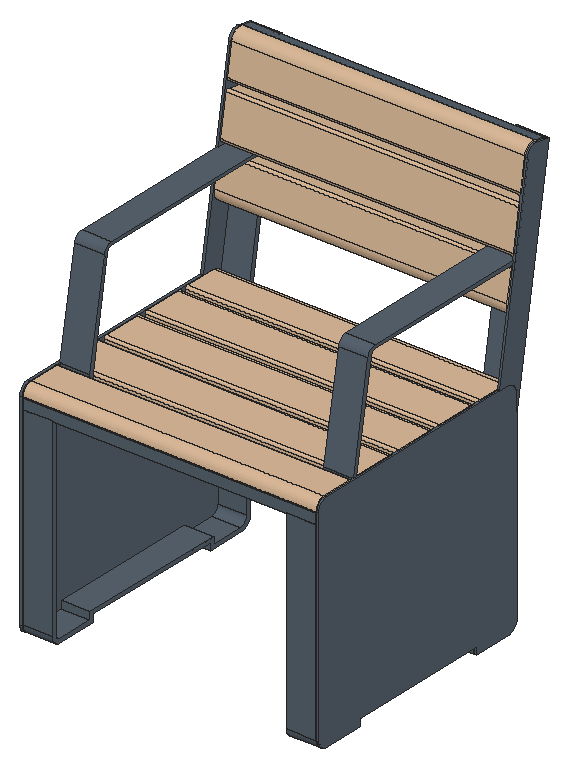
Revit family "product code 61106-S-L", category Meble, Revit 2021
Family settings
  Numer OmniClass = 23.40.20.00
  Tytuł OmniClass = General Furniture and Specialties
  Oparty na płaszczyźnie roboczej = Nie
  Zawsze pionowo = Tak
  Tnij formami wycięć po wczytaniu = Nie
  Współdzielony = Nie
  Punkt obliczania pomieszczeń = Nie
Parameters (values of type "61106-S-L")
  wood = Kobenhagen Wood - Larch
  metal = Kobenhagen RAL 5011
  Width = "58 cm"
  Weight = "40 kg"
  URL = "https://kobenhagen.com/en_US/p/Indre-By-Chair-wArmrest/209"
  Seat height = "45 cm"
  Product line = "Indre By"
  Product Groups = "Chairs"
  Producent = "Lars Laj"
  Keynote = ""
  Opis = "Indre By Chair w/Armrest"
  Model = "61106-S-L"
  Material = "Larch, stainless steel, powder coated steel"
  Maintenance = "We recommend to examine and tighten all screws and bolt clamps after a few weeks’ use. In order to prevent cracks and to extend the life of the wood, it is recommended that the wood details should be oiled every 3-5 years."
  Lenght = "60 cm"
  Type Comments = ""
  Kobenhagen Materials = "larslaj.com/bim"
  Hosted on larslaj.com = "https://larslaj.com/bim"
  Height = "86 cm"
  Domyślna rzędna = 0 mm
  Copyright = "All designs and drawings are the intellectual property of Lars Laj A/S and are protected by Danish and international copyright laws."
Reference planes
  plane 1 "front": y = 0
  plane 2: z = 0
  plane 3 "Środek (Lewa/Prawa)": x = 0
  plane 4 "left": x = -295.625
  plane 5 "right": x = 295.625
  plane 6 "back": y = 575.242
  plane 7: x = -235.625
Forms (mm)
  Extrusion 1, solid, material "Kobenhagen Wood - Larch" <- "wood"
    sketch origin (0, -0.031, 21.46) x (0, 1, 0) y (0, 0, 1)
      loop
        arc (260.118, 430.04) -> (256.583, 428.576) -> (255.118, 425.04) r 5
        line (255.118, 425.04) -> (255.118, 388.972)
        arc (255.118, 388.972) -> (255.693, 387.586) -> (257.078, 387.012) r 1.96
        line (257.078, 387.012) -> (342.493, 387.012)
        arc (342.493, 387.012) -> (343.908, 387.598) -> (344.493, 389.012) r 2
        line (344.493, 389.012) -> (344.493, 425.04)
        arc (344.493, 425.04) -> (343.029, 428.576) -> (339.493, 430.04) r 5
        line (339.493, 430.04) -> (260.118, 430.04)
    from -295.625 to 295.625
  Extrusion 2, solid, material "Kobenhagen Wood - Larch" <- "wood"
    sketch origin (0, -102.48, 21.46) x (0, 1, 0) y (0, 0, 1)
      loop
        arc (260.118, 430.04) -> (256.583, 428.576) -> (255.118, 425.04) r 5
        line (255.118, 425.04) -> (255.118, 388.972)
        arc (255.118, 388.972) -> (255.693, 387.586) -> (257.078, 387.012) r 1.96
        line (257.078, 387.012) -> (342.493, 387.012)
        arc (342.493, 387.012) -> (343.908, 387.598) -> (344.493, 389.012) r 2
        line (344.493, 389.012) -> (344.493, 425.04)
        arc (344.493, 425.04) -> (343.029, 428.576) -> (339.493, 430.04) r 5
        line (339.493, 430.04) -> (260.118, 430.04)
    from -295.625 to 295.625
  Extrusion 3, solid, material "Kobenhagen Wood - Larch" <- "wood"
    sketch origin (0, 102.52, 23.25) x (0, 1, 0) y (0, 0, 1)
      loop
        arc (260.118, 428.25) -> (256.583, 426.786) -> (255.118, 423.25) r 5
        line (255.118, 423.25) -> (255.118, 387.182)
        arc (255.118, 387.182) -> (255.693, 385.796) -> (257.078, 385.222) r 1.96
        line (257.078, 385.222) -> (342.493, 385.222)
        arc (342.493, 385.222) -> (343.908, 385.808) -> (344.493, 387.222) r 2
        line (344.493, 387.222) -> (344.493, 423.25)
        arc (344.493, 423.25) -> (343.029, 426.786) -> (339.493, 428.25) r 5
        line (339.493, 428.25) -> (260.118, 428.25)
    from -295.625 to 295.625
  Extrusion 4, solid, material "Kobenhagen Wood - Larch" <- "wood"
    sketch origin (0, 925.653, 348.398) x (0, 0.173648, 0.984808) y (0, -0.984808, 0.173648)
      loop
        arc (260.118, 429.703) -> (256.583, 428.239) -> (255.118, 424.703) r 5
        line (255.118, 424.703) -> (255.118, 388.972)
        arc (255.118, 388.972) -> (255.693, 387.586) -> (257.078, 387.012) r 1.96
        line (257.078, 387.012) -> (342.493, 387.012)
        arc (342.493, 387.012) -> (343.908, 387.598) -> (344.493, 389.012) r 2
        line (344.493, 389.012) -> (344.493, 424.703)
        arc (344.493, 424.703) -> (343.029, 428.239) -> (339.493, 429.703) r 5
        line (339.493, 429.703) -> (260.118, 429.703)
    from -295.625 to 295.625
  Extrusion 5, solid, material "Kobenhagen RAL 5011" <- "metal", not visible
    sketch origin (0, 0, 0) x (0, 1, 0) y (0, 0, 1)
      loop
        arc (71.187, 451.5) -> (57.045, 445.642) -> (51.187, 431.5) r 20
        line (51.187, 431.5) -> (51.187, 18.231)
        arc (51.187, 18.231) -> (56.527, 5.34) -> (69.418, 0) r 18.231
        line (69.418, 0) -> (153.638, 0) -> (153.638, 15) -> (448.638, 15) -> (448.638, 0) -> (527.023, 0)
        arc (527.023, 0) -> (542.307, 6.331) -> (548.638, 21.615) r 21.615
        line (548.638, 21.615) -> (548.638, 429.407)
        arc (548.638, 429.407) -> (542.168, 445.029) -> (526.545, 451.5) r 22.093
        line (526.545, 451.5) -> (71.187, 451.5)
    from 750.378 to 745
  Extrusion 6, solid, material "Kobenhagen RAL 5011" <- "metal", not visible
    sketch origin (0, 0, 0) x (0, 1, 0) y (0, 0, 1)
      loop
        line (548.638, 396.844) -> (629.375, 854.725) -> (601.836, 859.581)
        arc (601.836, 859.581) -> (585.224, 855.898) -> (576.082, 841.547) r 22.232
        line (576.082, 841.547) -> (507.306, 451.5) -> (526.545, 451.5)
        arc (526.545, 451.5) -> (542.168, 445.029) -> (548.638, 429.407) r 22.093
        line (548.638, 429.407) -> (548.638, 396.844)
    from 745 to 750.378
  Extrusion 7, solid, material "Kobenhagen RAL 5011" <- "metal"
    sketch origin (449.375, 0, 0) x (0, -1, 0) y (0, 0, 1)
      loop
        line (-71.187, 451.5) -> (-526.545, 451.5)
        arc (-526.545, 451.5) -> (-542.168, 445.029) -> (-548.638, 429.407) r 22.093
        line (-548.638, 429.407) -> (-548.638, 21.615)
        arc (-548.638, 21.615) -> (-542.307, 6.331) -> (-527.023, 0) r 21.615
        line (-527.023, 0) -> (-448.638, 0) -> (-448.638, 15) -> (-153.638, 15) -> (-153.638, 0) -> (-69.418, 0)
        arc (-69.418, 0) -> (-56.527, 5.34) -> (-51.187, 18.231) r 18.231
        line (-51.187, 18.231) -> (-51.187, 431.5)
        arc (-51.187, 431.5) -> (-57.045, 445.642) -> (-71.187, 451.5) r 20
    from 750.378 to 745
  Extrusion 8, solid, material "Kobenhagen RAL 5011" <- "metal"
    sketch origin (449.375, 0, 0) x (0, -1, 0) y (0, 0, 1)
      loop
        line (-548.638, 396.844) -> (-548.638, 429.407)
        arc (-548.638, 429.407) -> (-542.168, 445.029) -> (-526.545, 451.5) r 22.093
        line (-526.545, 451.5) -> (-507.306, 451.5) -> (-576.082, 841.547)
        arc (-576.082, 841.547) -> (-585.224, 855.898) -> (-601.836, 859.581) r 22.232
        line (-601.836, 859.581) -> (-629.375, 854.725) -> (-548.638, 396.844)
    from 745 to 750.378
  Extrusion 9, solid, material "Kobenhagen RAL 5011" <- "metal"
    sketch origin (0, 0, 0) x (0, 1, 0) y (0, 0, 1)
      loop
        line (548.638, 396.844) -> (629.375, 854.725) -> (621.989, 856.027) -> (543.073, 408.472) -> (51.187, 408.472) -> (51.187, 18.763)
        arc (51.187, 18.763) -> (56.683, 5.495) -> (69.95, 0) r 18.763
        line (69.95, 0) -> (153.638, 0) -> (153.638, 15) -> (448.638, 15) -> (448.638, 0) -> (525.342, 0)
        arc (525.342, 0) -> (541.815, 6.823) -> (548.638, 23.296) r 23.296
        line (548.638, 23.296) -> (548.638, 396.844)
      loop
        line (58.687, 400.262) -> (58.687, 18.763)
        arc (58.687, 18.763) -> (61.986, 10.799) -> (69.95, 7.5) r 11.263
        line (69.95, 7.5) -> (146.138, 7.5) -> (146.138, 22.5) -> (456.138, 22.5) -> (456.138, 7.5) -> (525.342, 7.5)
        arc (525.342, 7.5) -> (536.512, 12.127) -> (541.138, 23.296) r 15.796
        line (541.138, 23.296) -> (541.138, 400.262) -> (58.687, 400.262)
    from -295.625 to -235.625
  Extrusion 10, solid, material "Kobenhagen RAL 5011" <- "metal"
    sketch origin (0, 0, 0) x (0, 1, 0) y (0, 0, 1)
      loop
        line (578.693, 567.292) -> (629.375, 854.725) -> (621.989, 856.027) -> (571.307, 568.594) -> (578.693, 567.292)
      loop
        line (548.09, 408.472) -> (58.09, 408.472) -> (58.09, 400.262) -> (548.09, 400.262) -> (548.09, 408.472)
    from -238.345 to -298.116
  Extrusion 11, solid, material "Kobenhagen RAL 5011" <- "metal"
    sketch origin (-449.375, 0, 0) x (0, 1, 0) y (0, 0, 1)
      loop
        arc (71.187, 451.5) -> (57.045, 445.642) -> (51.187, 431.5) r 20
        line (51.187, 431.5) -> (51.187, 18.231)
        arc (51.187, 18.231) -> (56.527, 5.34) -> (69.418, 0) r 18.231
        line (69.418, 0) -> (153.638, 0) -> (153.638, 15) -> (448.638, 15) -> (448.638, 0) -> (527.023, 0)
        arc (527.023, 0) -> (542.307, 6.331) -> (548.638, 21.615) r 21.615
        line (548.638, 21.615) -> (548.638, 429.407)
        arc (548.638, 429.407) -> (542.168, 445.029) -> (526.545, 451.5) r 22.093
        line (526.545, 451.5) -> (71.187, 451.5)
    from 750.378 to 745
  Extrusion 12, solid, material "Kobenhagen RAL 5011" <- "metal"
    sketch origin (-449.375, 0, 0) x (0, 1, 0) y (0, 0, 1)
      loop
        line (548.638, 396.844) -> (629.375, 854.725) -> (601.836, 859.581)
        arc (601.836, 859.581) -> (585.224, 855.898) -> (576.082, 841.547) r 22.232
        line (576.082, 841.547) -> (507.306, 451.5) -> (526.545, 451.5)
        arc (526.545, 451.5) -> (542.168, 445.029) -> (548.638, 429.407) r 22.093
        line (548.638, 429.407) -> (548.638, 396.844)
    from 745 to 750.378
  Extrusion 13, solid, material "Kobenhagen RAL 5011" <- "metal"
    sketch origin (0, 0, 0) x (0, 1, 0) y (0, 0, -1)
      loop
        line (548.638, -396.844) -> (548.638, -23.296)
        arc (548.638, -23.296) -> (541.815, -6.823) -> (525.342, 0) r 23.296
        line (525.342, 0) -> (448.638, 0) -> (448.638, -15) -> (153.638, -15) -> (153.638, 0) -> (69.95, 0)
        arc (69.95, 0) -> (56.683, -5.495) -> (51.187, -18.763) r 18.763
        line (51.187, -18.763) -> (51.187, -408.472) -> (543.073, -408.472) -> (621.989, -856.027) -> (629.375, -854.725) -> (548.638, -396.844)
      loop
        line (58.687, -400.262) -> (541.138, -400.262) -> (541.138, -23.296)
        arc (541.138, -23.296) -> (536.512, -12.127) -> (525.342, -7.5) r 15.796
        line (525.342, -7.5) -> (456.138, -7.5) -> (456.138, -22.5) -> (146.138, -22.5) -> (146.138, -7.5) -> (69.95, -7.5)
        arc (69.95, -7.5) -> (61.986, -10.799) -> (58.687, -18.763) r 11.263
        line (58.687, -18.763) -> (58.687, -400.262)
    from -295.625 to -235.625
  Extrusion 14, solid, material "Kobenhagen RAL 5011" <- "metal"
    sketch origin (0, 0, 0) x (0, 1, 0) y (0, 0, -1)
      loop
        line (578.693, -567.292) -> (571.307, -568.594) -> (621.989, -856.027) -> (629.375, -854.725) -> (578.693, -567.292)
      loop
        line (548.09, -408.472) -> (548.09, -400.262) -> (58.09, -400.262) -> (58.09, -408.472) -> (548.09, -408.472)
    from -238.345 to -298.116
  Extrusion 15, solid, material "Kobenhagen RAL 5011" <- "metal"
    sketch origin (0, 0, 0) x (0, 1, 0) y (0, 0, 1)
      loop
        arc (201.286, 666.675) -> (188.672, 662.542) -> (181.888, 651.132) r 18.898
        line (181.888, 651.132) -> (145.796, 450) -> (145.796, 407) -> (151.796, 407) -> (151.888, 450) -> (187.77, 649.936)
        arc (187.77, 649.936) -> (192.655, 657.664) -> (201.286, 660.675) r 13.876
        line (201.286, 660.675) -> (590.359, 660.675) -> (591.375, 666.675) -> (201.286, 666.675)
    from 235.625 to 295.625
  Extrusion 16, solid, material "Kobenhagen RAL 5011" <- "metal"
    sketch origin (0, 0, 0) x (0, 1, 0) y (0, 0, -1)
      loop
        line (201.286, -666.675) -> (591.375, -666.675) -> (590.359, -660.675) -> (201.286, -660.675)
        arc (201.286, -660.675) -> (192.655, -657.664) -> (187.77, -649.936) r 13.876
        line (187.77, -649.936) -> (151.888, -450) -> (151.796, -407) -> (145.796, -407) -> (145.796, -450) -> (181.888, -651.132)
        arc (181.888, -651.132) -> (188.672, -662.542) -> (201.286, -666.675) r 18.898
    from 235.625 to 295.625
  Extrusion 17, solid, material "Kobenhagen Wood - Larch" <- "wood"
    sketch origin (0, -204.791, 21.978) x (0, 1, 0) y (0, 0, 1)
      loop
        arc (275.801, 429.522) -> (261.616, 423.646) -> (255.74, 409.461) r 20.061
        line (255.74, 409.461) -> (255.74, 407.796) -> (259.646, 407.796) -> (259.646, 390.48) -> (277.569, 390.48) -> (277.569, 386.494) -> (343.118, 386.494)
        arc (343.118, 386.494) -> (344.532, 387.079) -> (345.117, 388.493) r 1.999
        line (345.117, 388.493) -> (345.117, 424.524)
        arc (345.117, 424.524) -> (343.653, 428.058) -> (340.119, 429.522) r 4.998
        line (340.119, 429.522) -> (275.801, 429.522)
    from -295.625 to 295.625
  Extrusion 18, solid, material "Kobenhagen RAL 5011" <- "metal"
    sketch origin (0, 511.395, 1362.577) x (0, -0.983564, -0.180562) y (0, 0.180562, -0.983564)
      loop
        line (624.848, 855.34) -> (604.706, 859.038) -> (604.188, 856.211) -> (621.46, 853.027) -> (618.262, 834.892) -> (620.986, 834.39) -> (624.848, 855.34)
    from -295.625 to 295.625
  Extrusion 19, solid, material "Kobenhagen Wood - Larch" <- "wood"
    sketch origin (0, 943.578, 451.03) x (0, 0.173648, 0.984808) y (0, -0.984808, 0.173648)
      loop
        arc (260.118, 430.036) -> (256.583, 428.571) -> (255.118, 425.036) r 5
        line (255.118, 425.036) -> (255.118, 389.305)
        arc (255.118, 389.305) -> (255.693, 387.919) -> (257.078, 387.345) r 1.96
        line (257.078, 387.345) -> (340.844, 387.345) -> (341.15, 404.888) -> (343.753, 404.888)
        arc (343.753, 404.888) -> (338.433, 422.457) -> (321.714, 430.036) r 22.231
        line (321.714, 430.036) -> (260.118, 430.036)
    from -295.625 to 295.625
  Extrusion 20, solid, material "Kobenhagen RAL 5011" <- "metal"
    sketch origin (0, -0.146, 0.985) x (0, 1, 0) y (0, 0, 1)
      loop
        line (624.848, 855.34) -> (604.709, 859.052) -> (604.207, 856.208) -> (621.46, 853.027) -> (618.538, 836.456) -> (621.274, 835.952) -> (624.848, 855.34)
    from -295.625 to 295.625
  Extrusion 21, solid, material "Kobenhagen Wood - Larch" <- "wood"
    sketch origin (0, 1011.44, 836.836) x (0, -0.173648, -0.984808) y (0, 0.984808, -0.173648)
      loop
        line (260.118, -430.036) -> (321.714, -430.036)
        arc (321.714, -430.036) -> (338.433, -422.457) -> (343.753, -404.888) r 22.231
        line (343.753, -404.888) -> (341.15, -404.888) -> (340.844, -387.345) -> (257.078, -387.345)
        arc (257.078, -387.345) -> (255.693, -387.919) -> (255.118, -389.305) r 1.96
        line (255.118, -389.305) -> (255.118, -425.036)
        arc (255.118, -425.036) -> (256.583, -428.571) -> (260.118, -430.036) r 5
    from -295.625 to 295.625
  Extrusion 22, solid, material "Kobenhagen RAL 5011" <- "metal"
    sketch origin (0, 278.555, 1582.513) x (0, 0.939693, -0.34202) y (0, 0.34202, 0.939693)
      loop
        line (624.848, -855.34) -> (621.274, -835.952) -> (618.538, -836.456) -> (621.46, -853.027) -> (604.207, -856.208) -> (604.709, -859.052) -> (624.848, -855.34)
    from -295.625 to 295.625
  Extrusion 23, solid, material "Kobenhagen Wood - Larch" <- "wood"
    sketch origin (0, 804.603, 21.573) x (0, -1, 0) y (0, 0, -1)
      loop
        line (275.801, -429.927) -> (340.119, -429.927)
        arc (340.119, -429.927) -> (343.653, -428.463) -> (345.117, -424.929) r 4.998
        line (345.117, -424.929) -> (345.117, -389.012)
        arc (345.117, -389.012) -> (344.532, -387.598) -> (343.118, -387.013) r 1.999
        line (343.118, -387.013) -> (277.569, -387.013) -> (277.569, -390.48) -> (259.646, -390.48) -> (259.646, -407.796) -> (255.74, -407.796) -> (255.74, -409.865)
        arc (255.74, -409.865) -> (261.616, -424.051) -> (275.801, -429.927) r 20.061
    from -295.625 to 295.625
  Extrusion 24, solid, material "Kobenhagen RAL 5011" <- "metal"
    sketch origin (0, 88.417, 1362.535) x (0, 0.983564, -0.180562) y (0, 0.180562, 0.983564)
      loop
        line (624.848, -855.34) -> (621.052, -834.746) -> (618.325, -835.249) -> (621.46, -853.027) -> (604.207, -856.208) -> (604.709, -859.052) -> (624.848, -855.34)
    from -295.625 to 295.625
Lines and regions (mm)
  model lines, style "9"
    curve 1: line (-315.53, -352.467, 0) -> (-315.53, -346.467, 0)
    curve 2: line (-315.53, -652.467, 0) -> (-315.53, -658.467, 0)
    curve 3: line (328.514, 452.546, 0) -> (328.514, 458.546, 0)
    curve 4: line (328.514, 152.546, 0) -> (328.514, 146.546, 0)
Dimensions and locks
  Extrusion 1 sketch curve to Extrusion 1 sketch curve = 89.375 mm
  Extrusion 1 sketch curve to Extrusion 1 sketch curve = 43.028 mm
  Extrusion 2 sketch curve to Extrusion 2 sketch curve = 89.375 mm
  Extrusion 2 sketch curve to Extrusion 2 sketch curve = 43.028 mm
  Extrusion 3 sketch curve to Extrusion 3 sketch curve = 89.375 mm
  Extrusion 3 sketch curve to Extrusion 3 sketch curve = 43.028 mm
  Extrusion 4 sketch curve to Extrusion 4 sketch curve = 89.375 mm
  Extrusion 4 sketch curve to Extrusion 4 sketch curve = 42.691 mm
  Extrusion 17 sketch curve to Extrusion 17 sketch curve = 43.028 mm
  Extrusion 19 sketch curve to Extrusion 19 sketch curve = 42.691 mm
  Extrusion 21 sketch curve to Extrusion 21 sketch curve = 42.691 mm
  Extrusion 23 sketch curve to Extrusion 23 sketch curve = 42.914 mm
  aligned and locked: level to plane 2
  aligned and locked: plane 5 "right" to Extrusion 1
  aligned and locked: Extrusion 1 to plane 4 "left"
  aligned and locked: plane 5 "right" to Extrusion 3
  aligned and locked: plane 5 "right" to Extrusion 2
  aligned and locked: plane 5 "right" to Extrusion 4
  aligned and locked: Extrusion 4 to plane 4 "left"
  aligned and locked: Extrusion 3 to plane 4 "left"
  aligned and locked: Extrusion 2 to plane 4 "left"
  aligned and locked: Extrusion 7 to Extrusion 8
  aligned and locked: plane 4 "left" to Extrusion 7
  aligned and locked: Extrusion 9 to plane 4 "left"
  aligned and locked: plane 7 to Extrusion 9
  aligned and locked: Extrusion 11 to Extrusion 12
